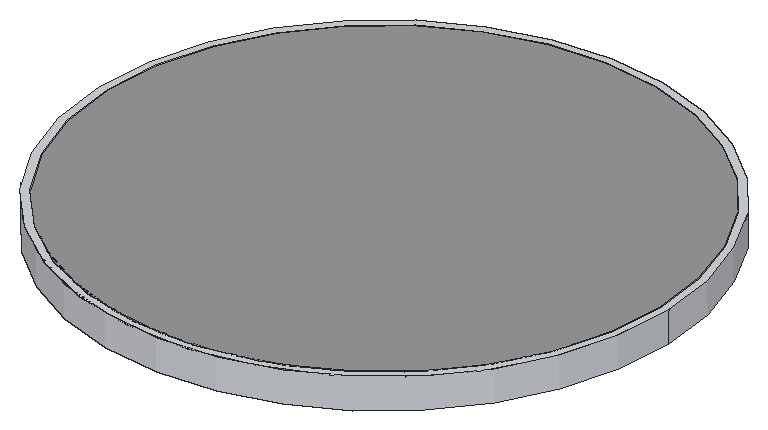
Revit family "2071282", category Lighting Fixtures, host Face, Revit 2018
Family settings
  Host = Face
  Round Connector Dimension = Use Diameter
  Part Type = Junction Box
  OmniClass Number = 23.80.70.00
  OmniClass Title = Lighting
  Cut with Voids When Loaded = No
  Light Source = Yes
  Shared = No
  Room Calculation Point = No
Parameters (values of type "2071282 COLOSSAL 1200 830 OP DIR WHT DALI EM")
  iner diameter = 1168 mm
  Weight = "n/a"
  Wattage Comments = ""
  Wattage = 30 W
  WarrantyStartDate [instance] = "n/a"
  WarrantyGuarantorParts = "n/a"
  WarrantyDurationUnit = "n/a"
  WarrantyDurationParts = ""
  WarrantyDescription = "http://www.sylvania-lighting.com"
  built-in parameter 1150110 = 1 (stored number, unit not read)
  Voltage = 230 V
  URL = "0.95"
  TypeName = "COLOSSAL 1200mm 830 OPAL DIR WHITE DALI EM"
  Type Image = <None>
  Type Comments = "n/a"
  built-in parameter 1114217 = 1 (stored number, unit not read)
  Tilt Angle = -90.00°
  built-in parameter 1150109 = 1 (stored number, unit not read)
  built-in parameter 1150134 = (empty or 0)
  built-in parameter 1150113 = 1 (stored number, unit not read)
  SerialNumber [instance] = "n/a"
  Photometric Web File = "2071282.ies"
  Material_3_SYL = LED-Sylvania
  PowerFactor = 0
  PowerConsumption = "Lighting"
  NominalLength = 1168 mm
  NominalHeight = 93 mm
  NominalDepth = 1168 mm
  Name = "COLOSSAL 1200mm 830 OPAL DIR WHITE DALI EM"
  ModelReference = Name  # "COLOSSAL 1200mm 830 OPAL DIR WHITE DALI EM"
  ModelNumber = "2071282"
  Model = Name  # "COLOSSAL 1200mm 830 OPAL DIR WHITE DALI EM"
  Material = "Feilo Sylvania"
  ManufacturerName = "134 lm/W"
  Manufacturer = ""
  LuminousEfficacy = ""
  built-in parameter 1150105 = 270.44 (stored number, unit not read)
  Lumens = 3398.4 lm
  LuminaireType = "0"
  built-in parameter 1150115 = 1 (stored number, unit not read)
  LightOutputRatio = "LED"
  built-in parameter 1150137 = (empty or 0)
  built-in parameter 1150139 = (empty or 0)
  LampsType = Lamp  # "n/a"
  LampNominalLuminous = "3000 K"
  LampMacAdamStep = "80"
  LampColourTemperature = "LED"
  LampColourRenderingIndex = "16500"
  built-in parameter 1150112 = 1 (stored number, unit not read)
  built-in parameter 1150114 = 1 (stored number, unit not read)
  Lamp = "n/a"
  Keynote = "n/a"
  InstallationDate [instance] = "n/a"
  InputVoltage = "0"
  InputNominalFrequency = "3000"
  built-in parameter 1150132 = (empty or 0)
  built-in parameter 1150102 = (empty or 0)
  built-in parameter 1150107 = 3000 (stored number, unit not read)
  built-in parameter 1150138 = (empty or 0)
  IngressProtection = "IfcLightFixtureType"
  ImpactProtectionIndex = "IfcLightFixtureType"
  built-in parameter 1150106 = 2.7044 (stored number, unit not read)
  IfcExportType = "IfcLightFixtureType"
  IfcExportAs = "Class I"
  Emit from Circle Diameter = 385 mm
  Emit Shape Visible in Rendering = no
  ElectricShockClassification = "134"
  built-in parameter 1150104 = 10.524 (stored number, unit not read)
  DocumentationLiterature = "http://www.sylvania-lighting.com/product/en-int/products/2071282"
  DimmingControlOptions = "n/a"
  Material_2_SYL = Polycarbonate_Sylvania_White
  Dimming Lamp Color Temperature Shift = <None>
  Description = "1200mm diameter circular architectural luminaire, can be surface mounted or suspended. Powder coated aluminium housing (RAL9016) with polycarbonate opal diffuser. Direct light distribution, 20975lm luminuous flux, 157W system power, 134lm/W luminiaire efficacy. DALI dimmable. 3 hours integrated emergency. Colour rendering index Ra >80, 3000K Warm White LED, chromaticity tolerance of 3-step MacAdam ellipse. IP40/IP20, IK03. 450mA drive current. Electrical protection Class1, 220-240V. Reported lifetime 66k hours L90B10."
  Default Elevation = 1219.2 mm
  CreatedOn = "23/03/2022"
  CreatedBy = "@sylvania-lighting.com"
  Cost = 0
  Color Filter = 16777215
  built-in parameter 1114216 [instance] = (empty or 0)
  ClassificationValue = "EF_70_80"
  ClassificationName = "Uniclass2015"
  Material_1_SYL = Polycarbonate_Sylvania_Opal
  BarCode [instance] = "n/a"
  built-in parameter 1114218 = 1 (stored number, unit not read)
  built-in parameter 1150133 = 10 (stored number, unit not read)
  AssetType = "Fixed"
  AssetIdentifier [instance] = "n/a"
  Assembly Code = "D5020200"
  Apparent Load = 157 VA
  Material_4_SYL = none
Reference planes
  plane 1 "Center (Front/Back)": y = 0
  plane 2: z = 0
  plane 3 "Center (Left/Right)": x = 0
  plane 4: z = 1.161
  plane 5: z = 16.161
  plane 6: y = 584
  plane 7: y = -584
  plane 8: x = 85
  plane 9: x = -85
  plane 10: through (0, 0, 1219.2) normal (0.5, 0.866, 0)
  plane 11: through (42.5, 73.612, 1219.2) normal (0.5, 0.866, 0)
  plane 12: through (-42.5, -73.612, 1219.2) normal (0.5, 0.866, 0)
  plane 13: through (0, 0, 1219.2) normal (0.5, -0.866, 0)
  plane 14: through (-42.5, 73.612, 1219.2) normal (0.5, -0.866, 0)
  plane 15: through (42.5, -73.612, 1219.2) normal (0.5, -0.866, 0)
  plane 16: z = 93
  plane 17: y = 584
  plane 18: y = -584
  plane 19: y = -429
  plane 20: x = -584
  plane 21: x = 584
Forms (mm)
  Extrusion 1, solid, detail levels medium+fine
    sketch origin (0, 0, 0) x (0.866025, -0.5, 0) y (0.5, 0.866025, 0)
      loop
        circle (-50, 86.603) r 22
    from 0 to 2
  Extrusion 2, solid, detail levels medium+fine
    sketch origin (0, 0, 0) x (0.866025, -0.5, 0) y (0.5, 0.866025, 0)
      loop
        circle (100, 0) r 22
      loop
        circle (-50, -86.603) r 22
    from 0 to 2
  Extrusion 3, solid, detail levels medium+fine
    sketch origin (0, 0, 0) x (1, 0, 0) y (0, 1, 0)
      loop
        circle (0, 0) r 584
    from 30 to 93
  Extrusion 4, void
    sketch origin (0, 0, 0) x (1, 0, 0) y (0, 1, 0)
      loop
        circle (0, 0) r 568
    from 96.588 to 37.292
  Extrusion 5, solid, material "Glass, White, High Luminance", detail levels fine
    sketch origin (0, 0, 0) x (1, 0, 0) y (0, 1, 0)
      loop
        circle (0, 0) r 568
    from 88.022 to 93
  Extrusion 6, solid, detail levels coarse
    sketch origin (0, 0, 0) x (1, 0, 0) y (0, 1, 0)
      loop
        line (-584, 584) -> (-584, -584) -> (584, -584) -> (584, 584) -> (-584, 584)
    from 0 to 93
  Blend 7, solid, detail levels medium+fine
    base sketch origin (-10.814, 11.299, 29.922) x (1, 0, 0) y (0, 1, 0)
      loop
        line (-402.654, -330.622) -> (397.346, -330.622) -> (482.346, -183.398) -> (82.346, 509.423) -> (-87.654, 509.423) -> (-487.654, -183.398) -> (-402.654, -330.622)
    top sketch origin (-10.814, 11.299, 29.922) x (1, 0, 0) y (0, 1, 0)
      loop
        line (-363.391, -306.496) -> (364.632, -306.496) -> (449.632, -159.272) -> (87.132, 468.597) -> (-82.868, 468.597) -> (-445.368, -159.272) -> (-363.391, -306.496)
    from 0 to -30
Cuts and joins
  Extrusion 4 cuts Extrusion 1
  Extrusion 4 cuts Extrusion 2
  Extrusion 4 cuts Extrusion 3
Lines and regions (mm)
  model lines, detail levels medium+fine
    curve 1: circle (0, 0, 0) r 155 normal (0, 0, 1)
  reference lines
    curve 2: circle (0, 0, 0) r 489 normal (0, 0, 1)
    curve 3: circle (0, 0, 0) r 521 normal (0, 0, 1)
    curve 4: line (0, 0, 0) -> (606.218, -350, 0)
    curve 5: line (0, 0, 0) -> (0, 825, 0)
    curve 6: line (0, 0, 0) -> (-623.538, -360, 0)
    curve 7: line (639.013, -270.785, 0) -> (85, 49.075, 0)
    curve 8: line (563.718, -423.612, 0) -> (0, -98.15, 0)
    curve 9: line (85, 49.075, 0) -> (85, 825, 0)
    curve 10: line (-85, 49.075, 0) -> (-85, 825, 0)
    curve 11: line (-85, 49.075, 0) -> (-666.038, -286.388, 0)
    curve 12: line (-581.038, -433.612, 0) -> (0, -98.15, 0)
Dimensions and locks
  plane 4 to level = 1.161 mm
  locked: plane 5 to plane 4 at 15
  "NominalDepth": plane 6 to plane 7
  plane 6 to plane 1 "Center (Front/Back)" to plane 7 = 584 mm, 584 mm
  "NominalHeight": level to plane 16
  equal spacing: plane 17, plane 1 "Center (Front/Back)", plane 18
  "NominalLength": plane 20 to plane 21
  equal spacing: plane 20, plane 3 "Center (Left/Right)", plane 21
  aligned and locked: plane 2 to host face
  aligned and locked: level to host face
  aligned and locked: plane 6 to Extrusion 6
Automatic sketch dimensions
  host sketch curve to host sketch curve = 2438.4 mm  (x2)
  Extrusion 1 sketch curve to plane 3 "Center (Left/Right)" = 0 mm
  Extrusion 1 sketch curve to plane 1 "Center (Front/Back)" = 100 mm
  plane 1 "Center (Front/Back)" to Extrusion 2 sketch curve = 50 mm
  Extrusion 2 sketch curve to plane 3 "Center (Left/Right)" = 86.603 mm
  Extrusion 2 sketch curve to Extrusion 2 sketch curve = 150 mm
  Extrusion 2 sketch curve to Extrusion 2 sketch curve = 86.603 mm
  plane 1 "Center (Front/Back)" to curve 1 = 0 mm
  curve 1 to plane 3 "Center (Left/Right)" = 0 mm
  plane 1 "Center (Front/Back)" to Extrusion 3 sketch curve = 0 mm
  Extrusion 3 sketch curve to plane 3 "Center (Left/Right)" = 0 mm
  plane 1 "Center (Front/Back)" to Extrusion 4 sketch curve = 0 mm
  Extrusion 4 sketch curve to plane 3 "Center (Left/Right)" = 0 mm
  plane 1 "Center (Front/Back)" to Extrusion 5 sketch curve = 0 mm
  Extrusion 5 sketch curve to plane 3 "Center (Left/Right)" = 0 mm
  curve 2 to curve 3 = 0 mm  (x2)
  curve 11 to plane 14 = 0 mm
  curve 6 to plane 13 = 0 mm
  curve 12 to plane 15 = 0 mm
  curve 10 to plane 9 = 0 mm
  curve 12 to plane 3 "Center (Left/Right)" = 0 mm
  plane 1 "Center (Front/Back)" to curve 3 = 0 mm
  curve 3 to plane 3 "Center (Left/Right)" = 0 mm
  curve 7 to plane 8 = 0 mm
  curve 11 to plane 10 = 0 mm
  curve 12 to plane 19 = 4.612 mm
  plane 19 to curve 6 = 69 mm
  plane 19 to curve 11 = 142.612 mm
  plane 19 to curve 8 = 5.388 mm
  plane 19 to curve 4 = 79 mm
  plane 19 to curve 7 = 158.215 mm
  plane 6 to curve 5 = 241 mm
  curve 10 to curve 5 = 0 mm
  curve 5 to curve 9 = 0 mm
  plane 1 "Center (Front/Back)" to curve 6 = 0 mm
  curve 6 to plane 3 "Center (Left/Right)" = 0 mm
  Extrusion 6 sketch curve to plane 7 = 0 mm
  Extrusion 6 sketch curve to plane 6 = 0 mm
  Blend 7 sketch curve to plane 6 = 756.098 mm  (x2)
  Blend 7 sketch curve to Blend 7 sketch curve = 85 mm
  plane 3 "Center (Left/Right)" to Blend 7 sketch curve = 386.532 mm
  plane 8 to Blend 7 sketch curve = 386.532 mm
  Blend 7 sketch curve to plane 6 = 63.278 mm
  Blend 7 sketch curve to plane 6 = 731.972 mm  (x2)
  Blend 7 sketch curve to Blend 7 sketch curve = 81.977 mm
  plane 3 "Center (Left/Right)" to Blend 7 sketch curve = 353.818 mm
  plane 8 to Blend 7 sketch curve = 353.818 mm
  Blend 7 sketch curve to plane 6 = 104.104 mm
  plane 12 to curve 8 = 0 mm
  plane 19 to Blend 7 sketch curve = 109.677 mm
  plane 19 to Blend 7 sketch curve = 133.803 mm
  plane 8 to Extrusion 6 sketch curve = 499 mm
  Extrusion 6 sketch curve to plane 9 = 499 mm
  Blend 7 sketch curve to plane 8 = 13.468 mm
  Blend 7 sketch curve to plane 9 = 13.468 mm
  Blend 7 sketch curve to plane 9 = 328.468 mm
  Blend 7 sketch curve to plane 8 = 8.682 mm
  Blend 7 sketch curve to plane 9 = 8.682 mm
  Blend 7 sketch curve to plane 9 = 289.205 mm
  plane 10 to curve 4 = 0 mm
  plane 11 to curve 7 = 0 mm
  curve 12 to plane 12 = 0 mm
  curve 9 to plane 11 = 0 mm
  radius of Extrusion 1 sketch curve = 22 mm
  radius of Extrusion 2 sketch curve = 22 mm  (x2)
  radius of curve 1 = 155 mm
  radius of Extrusion 3 sketch curve = 584 mm
  radius of Extrusion 4 sketch curve = 568 mm
  radius of Extrusion 5 sketch curve = 568 mm
  radius of curve 2 = 489 mm
  radius of curve 3 = 521 mm
Connectors
  electrical at (0, 0, 30)
    settings: on cut or joined group of Extrusion 3, Extrusion 4, index 1, voltage 0 V, apparent load 0 VA, apparent load phase1 0 VA, apparent load phase2 0 VA, apparent load phase3 0 VA, power factor 1, load classification "Other", number of poles 1, system type 31, power factor state 1, is connector primary yes, connector utility no, sub classification motor no, connector description ""
